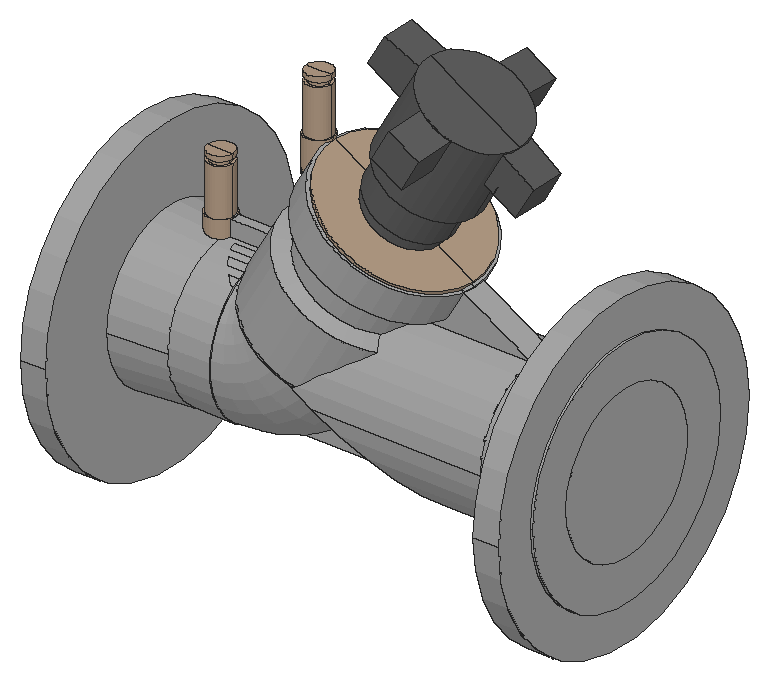
Revit family "oventrop_hydrocontrol-mfc_1065851-55rfa", category Арматура трубопроводов, Revit 2017
Family settings
  Размер круглого соединителя = Использовать радиус
  Тип детали = Клапан - Вставляется
  Номер OmniClass = 23.65.55.14.17
  Заголовок OmniClass = Adjusting/Controlling Valves for Liquid Services
  На основе рабочей плоскости = Нет
  Всегда вертикально = Да
  При загрузке вырезать с полостями = Нет
  Общий = Нет
Parameters (values of type "DN 80")
  Wholesaler Art. No. = ""
  Wholesaler = ""
  VHth = if(NominalDiameter < 35 mm, Hb6 + (CurDst * sin(Angle)) + (Dst1 * cos(Angle)), Rad4 + 10 mm)  # 58.5 mm
  VDst = if(NominalDiameter < 35 mm, R1, Lgt3 - 5 mm)  # 32.1 mm
  Use Nominal Diameter [instance] = yes
  built-in parameter 1114242 [instance] = 1
  URL = "http://file-system.ru/catalog/zdaniya_i_sooruzheniya/kommunikatsii/oborudovanie_dlya_sistem_vodosnabzheniya_i_vodootvedeniya/hydrocol_mfc_dn_65_150_ventil_reguliruyushchiy/"
  Stabu Code = ""
  Revit Version = "2015"  # constant formula
  Product Line = "Oventrop"  # constant formula
  R2 = R1 / sin(Angle)  # 10.392 mm
  R1 = 9 mm  # constant formula
  Rad3 = Rad4 + 3 mm  # 51.5 mm
  OuterDiameter = 88.9 mm
  Nominal_Radius [instance] = if(Use Nominal Diameter, NominalDiameter / 2, OuterDiameter / 2)  # 40 mm
  Группа модели = "\"MFC 10658 DN65-150\""
  Изготовитель = "Oventrop"  # constant formula
  MEPcontent Class = "VALVE_BALANCING"  # constant formula
  Lgt4 = if(NominalDiameter < 100 mm, 110 mm, 1.9 * NominalDiameter - 80 mm)  # 110 mm
  Lgt3 = 0.18 * NominalDiameter + 22.7 mm  # 37.1 mm
  Rad2 = FlangeDiameter / 2  # 100 mm
  Language = ""
  Internal Art. No. = ""
  IFCExportType = "PRESSUREREDUCING"
  IFCExportAs = "IfcValveType"
  Hlp2 = CurDst * 1 / 3  # 9.334 mm
  GTIN = "4026755390537"
  Function Code [instance] = ""
  Family Version = "10.14"  # constant formula
  ETIM Article Class = "EC011463"
  EMCS Version = "2.0"  # constant formula
  DstChk = (((Rad5 * sin(Angle)) - (Hb2 * cos(Angle))) / sin(Angle)) + (R1 / sin(Angle)) + 2 mm  # 12.52 mm
  Описание = "Balancing valve with both ports flanged"  # constant formula
  Manufacturer URL = "http://www.oventrop.de/%28X%281%29S%285elbjaxobaowlcaqeik203e5%29%29/ArticleInfo.aspx?art=1065852"
  FlangeDiameter = 200 mm
  Dst1 = if(DstChk < 0 mm, 0 mm, DstChk)  # 12.52 mm
  r2 = 3 mm  # constant formula
  r1 = 2 mm  # constant formula
  Rad7 = Rad5 + 2 mm  # 53 mm
  Rad6 = Rad5 - 10 mm  # 41 mm
  Rad5 = Rad4 + 2.5 mm  # 51 mm
  Rad4 = 0.54 * NominalDiameter + 5.3 mm  # 48.5 mm
  Rad1 = Rad2 * 0.75  # 75 mm
  Pressure Drop = 0.0 Pa
  NominalRadius = 40 mm
  NominalDiameter = NominalRadius * 2  # 80 mm
  Custom = no
  CurDst = (Rad4 * tan(Angle / 2))  # 28.001 mm
  Lgt2 = 0.0336 * NominalDiameter + 13.4 mm  # 16.088 mm
  Lgt1 = 2 mm  # constant formula
  L2 = Rad4 * tan(Angle / 2)  # 28.001 mm
  Length = 310 mm
  Hlp1 = 22 mm  # constant formula
  Hb6 = (Hb2) * sin(Angle) + (Rad5 * cos(Angle)) - (Dst1 * cos(Angle))  # 95.547 mm
  Hb5 = 3 mm  # constant formula
  Hb4 = 18 mm  # constant formula
  Hb3 = Hb2 / 4  # 22.028 mm
  Hb2 = Hb1 - CurDst - 82 mm - 8 mm  # 88.113 mm
  Hb1 = (H / sin(Angle)) - (Crank Radius / tan(Angle))  # 206.114 mm
  H = 206 mm
  Crank Radius = if(NominalDiameter < 100 mm, 55 mm, 80 mm)  # 55 mm
  CB-NL Class = ""
  Bronze = Color RGB 156-122-90
  Black = Color RGB 35-35-35
  Article Type = "MFC 10658 DN65-150"  # constant formula
  Article Description = "Balancing valve with both ports flanged"  # constant formula
  Angle 3 = -Angle  # -60.00°
  Angle 2 = 90.00° - Angle  # 30.00°
  Angle = 60.00°  # constant formula
  Manufacturer Art. No. = "1065852"
Types (5, lengths in mm): name | VHth | VDst | URL | Rad3 | OuterDiameter | Nominal_Radius | Группа модели | Lgt4 | Lgt3 | Rad2 | Hlp2 | GTIN | DstChk | Manufacturer URL | FlangeDiameter | Dst1 | Rad7 | Rad6 | Rad5 | Rad4 | Rad1 | NominalRadius | NominalDiameter | CurDst | Lgt2 | L2 | Length | Hb6 | Hb3 | Hb2 | Hb1 | H | Crank Radius | Manufacturer Art. No.
  DN 65 | 50.4 | 29.4 | "www.stabiplan.com" | 43.4 | 76.1 | 32.5 | "DN 65" | 110 | 34.4 | 92.5 | 7.775 | "4026755390520" | 11.72 | "http://www.oventrop.de/%28X%281%29S%285elbjaxobaowlcaqeik203e5%29%29/ArticleInfo.aspx?art=1065851" | 185 | 11.72 | 44.9 | 32.9 | 42.9 | 40.4 | 69.375 | 32.5 | 65 | 23.325 | 15.584 | 23.325 | 290 | 80.947 | 18.867 | 75.469 | 188.794 | 191 | 55 | "1065851"
  DN 80 | 58.5 | 32.1 | "http://file-system.ru/catalog/zdaniya_i_sooruzheniya/kommunikatsii/oborudovanie_dlya_sistem_vodosnabzheniya_i_vodootvedeniya/hydrocol_mfc_dn_65_150_ventil_reguliruyushchiy/" | 51.5 | 88.9 | 40 | "\"MFC 10658 DN65-150\"" | 110 | 37.1 | 100 | 9.334 | "4026755390537" | 12.52 | "http://www.oventrop.de/%28X%281%29S%285elbjaxobaowlcaqeik203e5%29%29/ArticleInfo.aspx?art=1065852" | 200 | 12.52 | 53 | 41 | 51 | 48.5 | 75 | 40 | 80 | 28.001 | 16.088 | 28.001 | 310 | 95.547 | 22.028 | 88.113 | 206.114 | 206 | 55 | "1065852"
  DN 100 | 69.3 | 35.7 | "www.stabiplan.com" | 62.3 | 114.3 | 50 | "DN 100" | 110 | 40.7 | 110 | 11.412 | "4026755390544" | 10.587 | "http://www.oventrop.de/%28X%281%29S%285elbjaxobaowlcaqeik203e5%29%29/ArticleInfo.aspx?art=1065853" | 220 | 10.587 | 63.8 | 51.8 | 61.8 | 59.3 | 82.5 | 50 | 100 | 34.237 | 16.76 | 34.237 | 350 | 121.014 | 27.542 | 110.167 | 234.404 | 243 | 80 | "1065853"
  DN 125 | 82.8 | 40.2 | "www.stabiplan.com" | 75.8 | 139.7 | 62.5 | "DN 125" | 157.5 | 45.2 | 125 | 14.01 | "4026755390551" | -0.08 | "http://www.oventrop.de/%28X%281%29S%285elbjaxobaowlcaqeik203e5%29%29/ArticleInfo.aspx?art=1065854" | 250 | 0 | 77.3 | 65.3 | 75.3 | 72.8 | 93.75 | 62.5 | 125 | 42.031 | 17.6 | 42.031 | 400 | 169.308 | 38.006 | 152.025 | 284.056 | 286 | 80 | "1065854"
  DN 150 | 96.3 | 44.7 | "www.stabiplan.com" | 89.3 | 168.3 | 75 | "DN 150" | 205 | 49.7 | 142.5 | 16.608 | "4026755390568" | 16.587 | "http://www.oventrop.de/%28X%281%29S%285elbjaxobaowlcaqeik203e5%29%29/ArticleInfo.aspx?art=1065855" | 285 | 16.587 | 90.8 | 78.8 | 88.8 | 86.3 | 106.875 | 75 | 150 | 49.825 | 18.44 | 49.825 | 480 | 163.014 | 36.635 | 146.54 | 286.366 | 288 | 80 | "1065855"
Reference planes
  plane 1 "Center (Front/Back)": y = 0
  plane 2: z = 0
  plane 3 "Center (Left/Right)": x = 0
  plane 4: x = -155
  plane 5: x = 155
  plane 6: x = 153
  plane 7: x = -153
  plane 8: x = -73.001
  plane 9: z = -48.5
  plane 10: z = -51
  plane 11: z = -41
  plane 12: x = -45
  plane 13: z = 48.5
  plane 14: y = 8.044
  plane 15: y = -8.044
  plane 16: y = -48.5
  plane 17: y = 48.5
  plane 18: x = 136.912
  plane 19: y = 11
  plane 20: y = -11
  plane 21: y = -3
  plane 22: y = 3
  plane 23: x = -136.912
  plane 24: x = -99.812
  plane 25: x = 99.812
  plane 26: x = -104.812
Forms (mm)
  Extrusion 1, solid, material "Color RGB 140-140-140", detail levels fine
    sketch origin (0, 0, 0) x (0, 1, 0) y (0, 0, 1)
      loop
        circle (0, 0) r 75
    from 153 to 155
  Extrusion 2, solid, material "Color RGB 140-140-140", detail levels fine
    sketch origin (0, 0, 0) x (0, 1, 0) y (0, 0, 1)
      loop
        circle (0, 0) r 75
    from -153 to -155
  Extrusion 3, solid, material "Color RGB 140-140-140", detail levels fine
    sketch origin (0, 0, 0) x (0, 1, 0) y (0, 0, 1)
      loop
        circle (0, 0) r 48.5
    from -153 to 153
  Revolve 4, void
    sketch origin (-45, 0, 0) x (0.5, 0, 0.866025) y (-0.866025, 0, 0.5)
      loop
        line (18.668, 0) -> (-310, 0) -> (-310, -310) -> (18.668, -310) -> (18.668, 0)
      axis (-310, 0) -> (18.668, 0)
    angle from 0 to 360
  Revolve 5, solid, material "Color RGB 140-140-140", detail levels fine
    sketch origin (-73.001, -1524, 140.053) x (0, 0, 1) y (0, -1, 0)
      loop
        circle (-140.053, -1524) r 48.5
      axis (-91.553, -1524) -> (-91.553, -1523)
    angle from 0 to -60 <- "Angle 3"
  Extrusion 6, solid, material "Color RGB 140-140-140", detail levels fine
    sketch origin (-73.001, -1524, 140.053) x (0, 0, 1) y (0, -1, 0)
      loop
        circle (-140.053, -1524) r 48.5
    from -81.999 to 0
  Revolve 7, solid, material "Color RGB 140-140-140", detail levels fine
    sketch origin (-45, 0, 0) x (0.5, 0, 0.866025) y (-0.866025, 0, 0.5)
      loop
        line (64.058, -51) -> (67.058, -41) -> (89.086, -41) -> (92.086, -53) -> (114.114, -53) -> (114.114, 0) -> (18.668, 0) -> (18.668, -49)
        arc (18.668, -49) -> (19.253, -50.414) -> (20.668, -51) r 2
        line (20.668, -51) -> (64.058, -51)
      axis (18.668, 0) -> (114.114, 0)
    angle from 0 to 360
  Revolve 8, solid, material "Color RGB 35-35-35" <- "Black", detail levels fine
    sketch origin (-45, 0, 0) x (0.5, 0, 0.866025) y (-0.866025, 0, 0.5)
      loop
        line (116.114, 0) -> (116.114, -25) -> (124.114, -25) -> (124.114, -27) -> (149.114, -27) -> (149.114, -33) -> (206.114, -33) -> (206.114, 0) -> (116.114, 0)
      axis (116.114, 0) -> (206.114, 0)
    angle from 0 to 360
  Extrusion 9, solid, material "Color RGB 35-35-35" <- "Black", detail levels fine
    sketch origin (-45, 0, 0) x (0.5, 0, 0.866025) y (-0.866025, 0, 0.5)
      loop
        line (206.114, 27) -> (203.114, 55) -> (181.114, 55) -> (181.114, -55) -> (203.114, -55) -> (206.114, -27) -> (206.114, 27)
    from -11 to 11
  Extrusion 10, solid, material "Color RGB 35-35-35" <- "Black", detail levels fine
    sketch origin (-45, 0, 0) x (0.5, 0, 0.866025) y (0, -1, 0)
      loop
        line (203.114, -55) -> (206.114, -27) -> (206.114, 27) -> (203.114, 55) -> (181.114, 55) -> (181.114, -55) -> (203.114, -55)
    from -11 to 11
  Extrusion 11, solid, material "Color RGB 140-140-140", detail levels fine
    sketch origin (153, -1524, 140.053) x (0, 0, 1) y (0, -1, 0)
      loop
        circle (-140.053, -1524) r 48.5
    from 2 to -16.088
  Extrusion 12, solid, material "Color RGB 140-140-140", detail levels fine
    sketch origin (-45, 0, 0) x (0.5, 0, 0.866025) y (-0.866025, 0, 0.5)
      loop
        line (114.114, 0) -> (28.001, 0) -> (28.001, -48.5) -> (72.406, -125.411) -> (114.114, -144.17) -> (114.114, 0)
    from -8.044 to 8.044
  Revolve 13, solid, material "Color RGB 156-122-90" <- "Bronze", detail levels fine
    sketch origin (-41.842, 0, 30.51) x (0, 0, 1) y (-1, 0, 0)
      loop
        line (73.998, 0) -> (73.998, -9) -> (95.547, -9) -> (95.547, -8) -> (125.547, -8) -> (125.547, -6) -> (128.547, -6) -> (128.547, -8) -> (131.547, -8) -> (131.547, 0) -> (73.998, 0)
      axis (73.998, 0) -> (131.547, 0)
    angle from 0 to 360
  Extrusion 14, solid, material "Color RGB 140-140-140", detail levels fine
    sketch origin (0, 0, 0) x (0, 1, 0) y (0, 0, 1)
      loop
        circle (0, 0) r 100
    from -136.912 to -153
  Extrusion 15, solid, material "Color RGB 140-140-140", detail levels fine
    sketch origin (0, 0, 0) x (0, 1, 0) y (0, 0, 1)
      loop
        circle (0, 0) r 100
    from 136.912 to 153
  Blend 16, solid, material "Color RGB 140-140-140", detail levels fine
    base sketch origin (0, 0, 0) x (0, 1, 0) y (0, 0, 1)
      loop
        circle (0, 0) r 51.5
    top sketch origin (0, 0, 0) x (0, 1, 0) y (0, 0, 1)
      loop
        circle (0, 0) r 48.5
    from 136.912 to 99.812
  Blend 17, solid, material "Color RGB 140-140-140", detail levels fine
    base sketch origin (0, 0, 0) x (0, 1, 0) y (0, 0, 1)
      loop
        circle (0, 0) r 51.5
    top sketch origin (0, 0, 0) x (0, 1, 0) y (0, 0, 1)
      loop
        circle (0, 0) r 48.5
    from -136.912 to -99.812
  Extrusion 18, solid, material "Color RGB 140-140-140", detail levels fine
    sketch origin (0, 0, 0) x (0, 1, 0) y (0, 0, 1)
      loop
        arc (-3, -48.407) -> (0, -48.5) -> (3, -48.407) r 48.5
        line (3, -48.407) -> (3, 0) -> (-3, 0) -> (-3, -48.407)
    from -73.001 to 99.812
  Revolve 19, solid, material "Color RGB 156-122-90" <- "Bronze", detail levels fine
    sketch origin (0, 0, 0) x (1, 0, 0) y (0, 0, 1)
      loop
        line (-104.812, 0) -> (-95.812, 0) -> (-95.812, 58.5) -> (-96.812, 58.5) -> (-96.812, 88.5) -> (-98.812, 88.5) -> (-98.812, 91.5) -> (-96.812, 91.5) -> (-96.812, 94.5) -> (-104.812, 94.5) -> (-104.812, 0)
      axis (-104.812, 94.5) -> (-104.812, 0)
    angle from 0 to 360
  Extrusion 20, solid, material "Color RGB 140-140-140", detail levels fine
    sketch origin (0, 0, 0) x (1, 0, 0) y (0, 0, 1)
      loop
        line (-104.812, 58.5) -> (-104.812, 0) -> (-32.842, 0) -> (-32.842, 58.5) -> (-104.812, 58.5)
    from -3 to 3
  Revolve 21, solid, material "Color RGB 140-140-140", detail levels fine
    sketch origin (-18.239, 0, 90.881) x (0.866025, 0, -0.5) y (0.5, 0, 0.866025)
      loop
        arc (-36.254, 0) -> (-33.618, -6.364) -> (-27.254, -9) r 9
        line (-27.254, -9) -> (22.265, -9) -> (22.265, 0) -> (-36.254, 0)
      axis (-36.254, 0) -> (22.265, 0)
    angle from 0 to 360
  Revolve 22, solid, material "Color RGB 156-122-90" <- "Bronze", detail levels fine
    sketch origin (-45, 0, 0) x (0.5, 0, 0.866025) y (-0.866025, 0, 0.5)
      loop
        line (114.114, 0) -> (114.114, -51) -> (116.114, -51) -> (116.114, 0) -> (114.114, 0)
      axis (114.114, 0) -> (116.114, 0)
    angle from 0 to 360
Cuts and joins
  Revolve 4 cuts Extrusion 3
  joined: Revolve 8, Extrusion 9, Extrusion 10
  joined: Extrusion 6, Blend 17, Extrusion 20
Lines and regions (mm)
  reference lines
    curve 1: line (-45, 0, 0) -> (155, 0, 346.41)
    curve 2: line (24.41, 0, 197.926) -> (162.488, 0, 118.207)
    curve 3: line (22.91, 0, 195.328) -> (160.988, 0, 115.609)
    curve 4: line (11.91, 0, 176.276) -> (149.988, 0, 96.556)
    curve 5: line (133.988, 0, 68.843) -> (-4.09, 0, 148.563)
    curve 6: line (137.988, 0, 75.771) -> (-0.09, 0, 155.491)
    curve 7: line (-20.59, 0, 119.984) -> (117.488, 0, 40.264)
    curve 8: line (-21.59, 0, 118.252) -> (116.488, 0, 38.532)
    curve 9: line (-45.118, 0, 77.5) -> (92.96, 0, -2.22)
    curve 10: line (-46.618, 0, 74.902) -> (91.46, 0, -4.818)
    curve 11: line (-34.104, 0, 96.577) -> (103.974, 0, 16.857)
    curve 12: line (-64.646, 0, 43.676) -> (73.432, 0, -36.043)
    curve 13: line (-45, 0, 0) -> (52.243, 0, -56.143)
    curve 14: line (-16.59, 0, 126.912) -> (121.488, 0, 47.193)
    curve 15: line (-18.239, 0, 90.881) -> (105.474, 0, 19.455)
    curve 16: line (13.481, 0, -0.709) -> (21.972, 0, 13.999)
    curve 17: line (13.312, 0, 18.999) -> (4.82, 0, 4.291)
    curve 18: line (23.704, 0, 12.999) -> (15.213, 0, -1.709)
    curve 19: line (75.76, 0, 155.163) -> (65.201, 0, 136.874)
    curve 20: line (28.995, 0, 182.163) -> (18.436, 0, 163.874)
    curve 21: line (100.009, 0, 141.163) -> (89.45, 0, 122.874)
    curve 22: line (4.746, 0, 196.163) -> (-5.813, 0, 177.874)
    curve 23: line (52.377, 27, 168.663) -> (41.818, 27, 150.374)
    curve 24: line (52.377, -27, 168.663) -> (41.818, -27, 150.374)
    curve 25: line (52.377, -55, 168.663) -> (41.818, -55, 150.374)
    curve 26: line (52.377, 55, 168.663) -> (41.818, 55, 150.374)
    curve 27: line (58.057, 61.48, 178.5) -> (58.057, -65.862, 178.5)
    curve 28: line (56.557, 61.48, 175.902) -> (56.557, -65.862, 175.902)
    curve 29: line (45.557, -65.862, 156.849) -> (45.557, 61.48, 156.849)
    curve 30: line (-41.842, 0, 30.51) -> (-41.842, 0, 122.47)
    curve 36: line (-77.338, 0, 40.226) -> (-27.45, 0, 11.423)
  model lines, style "Accessories", detail levels coarse+medium
    curve 31: line (-155, 0, 49.065) -> (-155, 0, -49.065)
    curve 32: line (155, 0, 49.065) -> (155, 0, -49.065)
    curve 33: circle (0, 0, 0) r 40 normal (1, 0, 0)
    curve 34: line (-155, 48.5, 0) -> (-155, -48.5, 0)
    curve 35: line (155, 48.5, 0) -> (155, -48.5, 0)
    curve 37: line (155, 0, 48.5) -> (-155, 0, -48.5)
    curve 38: line (-155, 0, 48.5) -> (155, 0, -48.5)
    curve 39: line (155, 48.5, 0) -> (-155, -48.5, 0)
    curve 40: line (-155, 48.5, 0) -> (155, -48.5, 0)
Dimensions and locks
  equal spacing: plane 5, plane 3 "Center (Left/Right)", plane 4
  "Length": plane 5 to plane 4
  "Lgt1": plane 7 to plane 4
  "CurDst": plane 12 to plane 8
  "Lgt1": plane 6 to plane 5
  "Rad6": level to plane 11
  "Rad5": level to plane 10
  "Rad4": level to plane 9
  "Rad4": plane 13 to level
  equal spacing: plane 14, plane 1 "Center (Front/Back)", plane 15
  "Lgt2": plane 14 to plane 15
  "Hb1": curve 13 to curve 2
  locked: curve 3 to curve 2 at 3
  locked: curve 4 to curve 3 at 22
  locked: curve 5 to curve 4 at 32
  locked: curve 5 to curve 14 at 25
  "Length": Revolve 4 sketch curve to curve 1
  "Length": Revolve 4 sketch curve to curve 13
  equal spacing: plane 17, plane 1 "Center (Front/Back)", plane 16
  "Rad4": plane 1 "Center (Front/Back)" to plane 16
  "CurDst": curve 13 to curve 12
  "Lgt2": plane 6 to plane 18
  "Hb2": curve 12 to curve 7
  "Hb3": curve 15 to curve 8
  "r1": curve 8 to curve 7
  "Rad5": curve 16 to curve 1
  "Rad6": curve 17 to curve 1
  "Rad7": curve 18 to curve 1
  locked: curve 6 to curve 5 at 8
  locked: Revolve 8 sketch curve to Revolve 8 sketch curve at 2
  locked: curve 1 to Revolve 8 sketch curve at 27
  locked: Revolve 8 sketch curve to curve 1 at 33
  equal spacing: curve 19, curve 1, curve 20
  locked: curve 19 to curve 1 at 27
  equal spacing: curve 21, curve 1, curve 22
  "Crank Radius": curve 1 to curve 22
  "Hlp1": plane 19 to plane 20
  equal spacing: plane 19, plane 1 "Center (Front/Back)", plane 20
  equal spacing: curve 23, curve 1, curve 24
  locked: curve 23 to curve 1 at 27
  equal spacing: curve 26, curve 1, curve 25
  "Crank Radius": curve 1 to curve 25
  "Hb1": curve 1 to curve 27
  locked: curve 28 to curve 27 at 3
  locked: curve 29 to curve 28 at 22
  equal spacing: plane 22, plane 1 "Center (Front/Back)", plane 21
  "r2": plane 1 "Center (Front/Back)" to plane 21
  "Hb6": Revolve 13 sketch curve to curve 30
  locked: Revolve 13 sketch curve to Revolve 13 sketch curve at 30
  "R1": Revolve 13 sketch curve to curve 30
  locked: Revolve 13 sketch curve to Revolve 13 sketch curve at 1
  locked: Revolve 13 sketch curve to Revolve 13 sketch curve at 2
  equal spacing: Revolve 13 sketch curve, Revolve 13 sketch curve, Revolve 13 sketch curve
  locked: Revolve 13 sketch curve to Revolve 13 sketch curve at 6
  "Dst1": curve 1 to curve 30
  locked: curve 30 to Revolve 13 sketch curve
  "Lgt4": plane 12 to plane 4
  "Lgt2": plane 7 to plane 23
  "Lgt3": plane 24 to plane 23
  "Lgt3": plane 18 to plane 25
  "VDst": plane 26 to plane 23
  "R1": Revolve 19 sketch curve to plane 26
  locked: Revolve 19 sketch curve to Revolve 19 sketch curve at 1
  locked: Revolve 19 sketch curve to Revolve 19 sketch curve at 2
  locked: Revolve 19 sketch curve to Revolve 19 sketch curve at 30
  equal spacing: Revolve 19 sketch curve, Revolve 19 sketch curve, Revolve 19 sketch curve
  locked: Revolve 19 sketch curve to Revolve 19 sketch curve at 6
  "VHth": Revolve 19 sketch curve to level
  "VHth": Extrusion 20 sketch curve to level
  "R1": curve 30 to Extrusion 20 sketch curve
  locked: Revolve 21 sketch curve to curve 30 at 0
  "R1": Revolve 21 sketch curve to curve 15
  "r2": curve 11 to curve 15
  "Hb3": curve 9 to curve 11
  "r2": curve 10 to curve 9
  "Hlp2": curve 36 to curve 12
  "Rad1": radius of Extrusion 1 sketch curve
  "Rad1": radius of Extrusion 2 sketch curve
  "Rad4": radius of Extrusion 3 sketch curve
  "Rad4": radius of Revolve 5 sketch curve
  "Rad4": radius of Extrusion 6 sketch curve
  "r1": radius of Revolve 7 sketch curve
  "Rad4": radius of Extrusion 11 sketch curve
  "NominalRadius": radius of curve 33
  "Rad2": radius of Extrusion 14 sketch curve
  "Rad2": radius of Extrusion 15 sketch curve
  "Rad3": radius of Blend 16 sketch curve
  "Rad4": radius of Blend 16 sketch curve
  "Rad3": radius of Blend 17 sketch curve
  "Rad4": radius of Blend 17 sketch curve
  "Rad4": radius of Extrusion 18 sketch curve
  "Angle": angle level to curve 1
  "Angle 2": angle curve 1 to curve 30
  aligned and locked: level to plane 2
  aligned and locked: plane 7 to Extrusion 2
  aligned and locked: Extrusion 2 to plane 4
  aligned and locked: Extrusion 1 to plane 6
  aligned and locked: Extrusion 1 to plane 5
  aligned and locked: plane 12 to curve 1
  aligned and locked: plane 2 to curve 1
  aligned and locked: curve 3 to curve 2  (x2)
  aligned and locked: curve 4 to curve 2  (x2)
  aligned and locked: curve 5 to curve 2  (x2)
  aligned and locked: curve 6 to curve 2  (x2)
  aligned and locked: curve 7 to curve 2  (x2)
  aligned and locked: curve 8 to curve 2  (x2)
  aligned and locked: curve 9 to curve 2  (x2)
  aligned and locked: curve 10 to curve 2  (x2)
  aligned and locked: curve 11 to curve 2  (x2)
  aligned and locked: curve 12 to curve 2  (x2)
  aligned and locked: curve 13 to curve 1  (x2)
  aligned and locked: curve 14 to curve 2  (x2)
  aligned and locked: Revolve 4 sketch curve to curve 1  (x2)
  aligned and locked: curve 15 to curve 4
  aligned and locked: plane 6 to Extrusion 3
  aligned and locked: plane 7 to Extrusion 3
  aligned and locked: Revolve 5 sketch curve to plane 13
  aligned and locked: plane 8 to Extrusion 6
  aligned and locked: curve 1 to Revolve 7 sketch curve
  aligned and locked: Revolve 7 sketch curve to curve 1
  aligned and locked: curve 16 to curve 17
  aligned and locked: curve 18 to curve 16
  aligned and locked: Revolve 7 sketch curve to curve 16
  aligned and locked: Revolve 8 sketch curve to curve 2
  aligned and locked: Revolve 8 sketch curve to curve 1  (x2)
  aligned and locked: curve 5 to Revolve 8 sketch curve
  aligned and locked: Revolve 8 sketch curve to curve 14
  aligned and locked: curve 7 to Revolve 8 sketch curve
  aligned and locked: curve 20 to curve 19
  aligned and locked: Extrusion 9 sketch curve to curve 20
  aligned and locked: curve 2 to Extrusion 9 sketch curve
  aligned and locked: Extrusion 9 sketch curve to curve 19
  aligned and locked: curve 3 to Extrusion 9 sketch curve
  aligned and locked: curve 4 to Extrusion 9 sketch curve
  aligned and locked: Extrusion 9 sketch curve to curve 4
  aligned and locked: curve 19 to curve 21  (x2)
  aligned and locked: curve 22 to curve 19  (x2)
  aligned and locked: curve 22 to curve 20
  aligned and locked: Extrusion 9 sketch curve to curve 3
  aligned and locked: Extrusion 9 sketch curve to curve 22
  aligned and locked: Extrusion 9 sketch curve to curve 21
  aligned and locked: Extrusion 9 to plane 19
  aligned and locked: plane 20 to Extrusion 9
  aligned and locked: curve 19 to curve 23  (x2)
  aligned and locked: curve 24 to curve 19  (x2)
  aligned and locked: curve 25 to curve 19  (x2)
  aligned and locked: curve 19 to curve 26  (x2)
  aligned and locked: curve 27 to curve 29  (x2)
  aligned and locked: curve 27 to curve 28  (x2)
  aligned and locked: curve 28 to Extrusion 10 sketch curve  (x2)
  aligned and locked: curve 29 to Extrusion 10 sketch curve  (x2)
  aligned and locked: Extrusion 10 sketch curve to curve 26
  aligned and locked: Extrusion 10 sketch curve to curve 25
  aligned and locked: Extrusion 10 sketch curve to curve 24
  aligned and locked: Extrusion 10 sketch curve to curve 27
  aligned and locked: Extrusion 10 sketch curve to curve 23
  aligned and locked: Extrusion 11 to plane 18
  aligned and locked: plane 2 to Extrusion 12 sketch curve
  aligned and locked: curve 1 to Extrusion 12 sketch curve
  aligned and locked: curve 12 to Extrusion 12 sketch curve
  aligned and locked: Revolve 13 sketch curve to curve 30  (x2)
  aligned and locked: Extrusion 6 to plane 4
  aligned and locked: Extrusion 11 to plane 5
  aligned and locked: Revolve 13 sketch curve to Revolve 13 sketch curve
  aligned and locked: plane 24 to Blend 17
  aligned and locked: Blend 17 to plane 23
  aligned and locked: plane 23 to Extrusion 14
  aligned and locked: plane 7 to Extrusion 14
  aligned and locked: plane 25 to Blend 16
  aligned and locked: plane 18 to Blend 16
  aligned and locked: Extrusion 15 to plane 18
  aligned and locked: plane 6 to Extrusion 15
  aligned and locked: Extrusion 12 to plane 14
  aligned and locked: plane 15 to Extrusion 12
  aligned and locked: level to Extrusion 18 sketch curve
  aligned and locked: Extrusion 18 to plane 8
  aligned and locked: plane 25 to Extrusion 18
  aligned and locked: Extrusion 18 sketch curve to plane 22
  aligned and locked: plane 21 to Extrusion 18 sketch curve
  aligned and locked: Revolve 19 sketch curve to plane 2
  aligned and locked: Revolve 19 sketch curve to Revolve 19 sketch curve
  aligned and locked: Revolve 19 sketch curve to plane 26  (x2)
  aligned and locked: level to Extrusion 20 sketch curve
  aligned and locked: Extrusion 20 to plane 22
  aligned and locked: plane 21 to Extrusion 20
  aligned and locked: plane 25 to Extrusion 12 sketch curve
  aligned and locked: plane 26 to Extrusion 20 sketch curve
  aligned and locked: curve 1 to Revolve 21 sketch curve
  aligned and locked: Revolve 21 sketch curve to curve 15  (x2)
  aligned and locked: curve 8 to Extrusion 12 sketch curve
  aligned and locked: plane 18 to Extrusion 12 sketch curve
  aligned and locked: curve 10 to Revolve 7 sketch curve
  aligned and locked: curve 9 to Revolve 7 sketch curve
  aligned and locked: curve 11 to Revolve 7 sketch curve
  aligned and locked: curve 17 to Revolve 7 sketch curve
  aligned and locked: Revolve 7 sketch curve to curve 18
  aligned and locked: curve 15 to Revolve 7 sketch curve
  aligned and locked: Revolve 7 sketch curve to curve 36
  aligned and locked: curve 36 to Revolve 4 sketch curve
  aligned and locked: plane 5 to curve 35
  aligned and locked: plane 13 to curve 38
  aligned and locked: plane 9 to curve 38
  aligned and locked: plane 5 to curve 38
  aligned and locked: plane 5 to curve 37
  aligned and locked: plane 9 to curve 37
  aligned and locked: plane 4 to curve 37
  aligned and locked: plane 4 to curve 38
  aligned and locked: plane 13 to curve 37
  aligned and locked: curve 7 to Revolve 22 sketch curve
  aligned and locked: curve 16 to Revolve 22 sketch curve
  aligned and locked: curve 1 to Revolve 22 sketch curve  (x2)
  aligned and locked: Revolve 7 sketch curve to Extrusion 12
Automatic sketch dimensions
  Revolve 8 sketch curve to curve 1 = 0 mm  (x2)
  curve 31 to plane 4 = 0 mm
  plane 9 to curve 32 = 0.565 mm
  curve 34 to plane 4 = 0 mm
  plane 16 to curve 39 = 0 mm
  plane 16 to curve 40 = 0 mm
  curve 39 to plane 17 = 0 mm
  curve 40 to plane 17 = 0 mm
  plane 9 to curve 31 = 0.565 mm
  plane 13 to curve 32 = 0.565 mm
  plane 5 to curve 32 = 0 mm
  plane 13 to curve 31 = 0.565 mm
  Revolve 22 sketch curve to Revolve 22 sketch curve = 2 mm
  Revolve 22 sketch curve to Revolve 22 sketch curve = 5 mm
  Revolve 22 sketch curve to Revolve 22 sketch curve = 11.46 mm
  curve 33 to level = 0 mm
  curve 33 to plane 1 "Center (Front/Back)" = 0 mm
  Extrusion 1 sketch curve to level = 0 mm
  Extrusion 1 sketch curve to plane 1 "Center (Front/Back)" = 0 mm
  Extrusion 2 sketch curve to level = 0 mm
  Extrusion 2 sketch curve to plane 1 "Center (Front/Back)" = 0 mm
  Extrusion 3 sketch curve to level = 0 mm
  Extrusion 3 sketch curve to plane 1 "Center (Front/Back)" = 0 mm
  curve 13 to curve 1 = 112.287 mm
  curve 1 to curve 18 = 28.627 mm
  curve 16 to curve 18 = 0 mm
  curve 17 to curve 16 = 0 mm
  curve 16 to curve 16 = 16.983 mm
  curve 20 to curve 4 = 7.477 mm
  curve 20 to curve 3 = 8.359 mm
  curve 8 to curve 21 = 65.587 mm
  curve 1 to curve 36 = 9.487 mm
  curve 15 to curve 1 = 22.265 mm
  curve 15 to curve 11 = 16.587 mm
  curve 12 to curve 36 = 9.267 mm
  Revolve 4 sketch curve to curve 1 = 0 mm  (x2)
  Revolve 5 sketch curve to level = 0 mm
  Revolve 5 sketch curve to plane 1 "Center (Front/Back)" = 0 mm
  plane 17 to Revolve 5 sketch curve = 1428.104 mm
  plane 16 to Revolve 5 sketch curve = 2812.199 mm
  Extrusion 6 sketch curve to level = 0 mm
  Extrusion 6 sketch curve to plane 1 "Center (Front/Back)" = 0 mm
  Revolve 7 sketch curve to curve 1 = 0 mm
  Revolve 7 sketch curve to Revolve 7 sketch curve = 8.675 mm
  curve 29 to curve 26 = 6.48 mm
  curve 25 to curve 29 = 10.862 mm
  Extrusion 11 sketch curve to level = 0 mm
  Extrusion 11 sketch curve to plane 1 "Center (Front/Back)" = 0 mm
  Revolve 13 sketch curve to curve 30 = 0 mm  (x2)
  Extrusion 14 sketch curve to level = 0 mm
  Extrusion 14 sketch curve to plane 1 "Center (Front/Back)" = 0 mm
  Extrusion 15 sketch curve to level = 0 mm
  Extrusion 15 sketch curve to plane 1 "Center (Front/Back)" = 0 mm
  Blend 16 sketch curve to level = 0 mm  (x2)
  Blend 16 sketch curve to plane 1 "Center (Front/Back)" = 0 mm  (x2)
  Blend 17 sketch curve to level = 0 mm  (x2)
  Blend 17 sketch curve to plane 1 "Center (Front/Back)" = 0 mm  (x2)
  Extrusion 18 sketch curve to level = 0 mm
  Extrusion 18 sketch curve to plane 1 "Center (Front/Back)" = 0 mm
  Revolve 19 sketch curve to plane 10 = 120.682 mm
  Revolve 19 sketch curve to Revolve 19 sketch curve = 49.999 mm
  Revolve 21 sketch curve to curve 15 = 0 mm  (x2)
Connectors
  piping at (-155, 0, 0), diameter 80, driven by "Nominal_Radius"
    settings: on Extrusion 6, index 1, connector inside diameter 65 mm, connector length 0 mm, flow factor 0, pipe flow 0.0 L/s, pressure drop 0.0 Pa, fitting loss kfactor 0, connector angle 0.00°, fixture units 0, engagement length 0 mm, angle of deflection 0.00°, flow configuration 0, flow direction 1, fitting loss method 4, system type 29, joint type 0, gender type 0, connector reference index 2, connector utility 0, adjustable connector no, is connector primary yes, connector description "Global In"
  piping at (155, 0, 0), diameter 80, driven by "Pressure Drop", driven by "Nominal_Radius"
    settings: on Extrusion 11, index 2, connector inside diameter 65 mm, connector length 0 mm, flow factor 0, pipe flow 0.0 L/s, pressure drop 0.0 Pa, fitting loss kfactor 0, connector angle 0.00°, fixture units 0, engagement length 0 mm, angle of deflection 0.00°, flow configuration 0, flow direction 2, fitting loss method 4, system type 29, joint type 0, gender type 0, connector reference index 1, connector utility 0, adjustable connector no, is connector primary no, connector description "Global Out"
